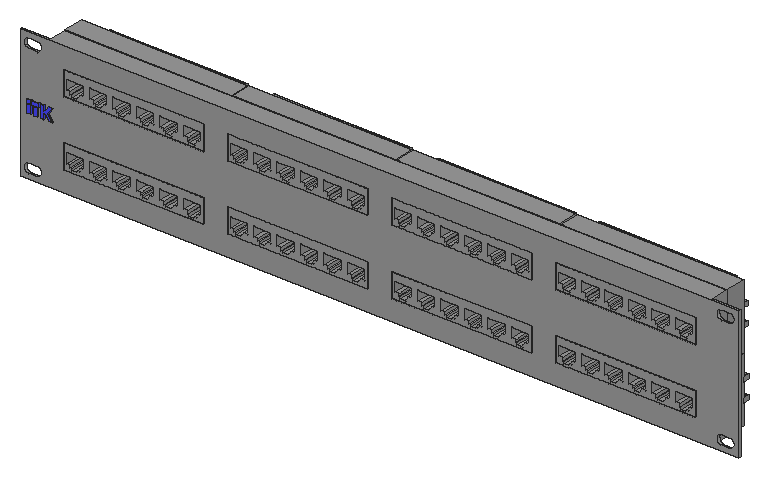
Revit family "ITK_Патч-панель_19-дюймовое крепление_2U_категория 5E", category Обобщенные модели, Revit 2019
Family settings
  Может служить основой для арматурных стержней = Нет
  Размер круглого соединителя = Использовать диаметр
  Тип детали = Нормальный
  На основе рабочей плоскости = Нет
  Всегда вертикально = Да
  При загрузке вырезать с полостями = Нет
  Общий = Нет
  Точка расчета площади = Нет
Parameters (values of type "PP48-2UC5EU-D05")
  Ширина = 482.6 mm
  Материал = Окраска - RAL 9005
  Изготовитель = "ITK"  # constant formula
  Дата изменения = ""
  Глубина = 37.3 mm
  Высота = 88 mm
  URL = "https://www.iek.ru/"
  KSI_CPr_Строительные изделия = "27.12.31.61.1.04.09-1090"  # constant formula
  KSI_CMa_Строительные материалы = "10.03.02.06"  # constant formula
  IEK_Цена за единицу = 4873.09
  IEK_Поиск в таблице имен = ""
  IEK_Описание = "Соответствие международным стандартам и ГОСТ Р.\r\nДвойная понятная маркировка IDC-модулей и портов.\r\nРасширенный частотный диапазон работы.\r\nУвеличенное количество циклов включения-отключения.\r\nСовместимы со всеми 19\" шкафами и стойками ITK.\r\nПодходят для кабелей и патч-кордов диаметром 22-26 AWG всех производителей.\r\nПрименимы для сетей ISDN, 10baseT, 100baseT, 1000baseT, EIA RS 232/485, 155 Mbit ATM, Token Ring."
  IEK_URL = "https://www.itk-group.ru/produktsiya/catalog/oborudovanie_telekommunikatsionnoe/komponenty_sks_mednye/patch_paneli/patch_paneli_kat_5e/patch_paneli_kat_5e_neekranirovannye_utp/itk_2u_patch_panel_kat_5e_utp_48_portov_dual"
  ADSK_Примечание = ""
  ADSK_Позиция [instance] = ""
  ADSK_Наименование = "ITK 2U патч-панель кат.5Е UTP, 48 портов (Dual)"
  ADSK_Материал обозначение = ""
  ADSK_Материал наименование = "Металл и АБС-пластик"  # constant formula
  ADSK_Масса = 1.7
  ADSK_Марка = ""  # constant formula
  ADSK_Код изделия = "PP48-2UC5EU-D05"
  ADSK_Завод-изготовитель = "IEK"  # constant formula
  ADSK_Единица измерения = "шт"  # constant formula
  ADSK_Группирование = "I. ЩИТЫ И ПУЛЬТЫ"  # constant formula
  ADSK_Версия семейства = "1.0"  # constant formula
  ADSK_Версия Revit = "2019"  # constant formula
  ADSK_URL страницы изделия = "https://www.itk-group.ru/produktsiya/catalog/oborudovanie_telekommunikatsionnoe/komponenty_sks_mednye/patch_paneli/patch_paneli_kat_5e/patch_paneli_kat_5e_neekranirovannye_utp/"
Reference planes
  plane 1 "По центру (Вперед/Назад)": y = 0
  plane 2: z = 0
  plane 3 "По центру (Влево/Вправо)": x = 0
Forms (mm)
  Extrusion 1, solid, material "Окраска - RAL 9005" <- "Материал", detail levels fine
    sketch origin (0, 0, 0) x (1, 0, 0) y (0, 1, 0)
      loop
        line (222, 1.5) -> (222, 27.5) -> (-222, 27.5) -> (-222, 1.5) -> (-241, 1.5) -> (-241, 0) -> (241, 0) -> (241, 1.5) -> (222, 1.5)
    from 88 to 0
  Extrusion 2, void
    sketch origin (0, 0, 0) x (1, 0, 0) y (0, 0, 1)
      loop
        line (-222, 0) -> (222, 0) -> (222, 88) -> (-222, 88) -> (-222, 0)
      loop
        line (221.8, 87.8) -> (-221.8, 87.8) -> (-221.8, 43.8) -> (-221.8, 0.2) -> (221.8, 0.2) -> (221.8, 87.8)
    from -13.5 to -13.7
  Extrusion 3, void
    sketch origin (0, 0, 0) x (1, 0, 0) y (0, 1, 0)
      loop
        line (-110.25, 31.5) -> (-110.25, 13.5) -> (-109.457, 13.5) -> (-109.457, 31.5) -> (-110.25, 31.5)
      loop
        line (-0.25, 31.5) -> (-0.25, 13.5) -> (0.543, 13.5) -> (0.543, 31.5) -> (-0.25, 31.5)
      loop
        line (109.75, 31.5) -> (109.75, 13.5) -> (110.543, 13.5) -> (110.543, 31.5) -> (109.75, 31.5)
    from 88 to 0
  Extrusion 4, solid, material "Окраска - RAL 9005" <- "Материал", detail levels fine
    sketch origin (0, 0, 0) x (0, 1, 0) y (0, 0, 1)
      loop
        line (35.5, 35) -> (37.5, 36.155) -> (37.5, 37.845) -> (35.5, 39) -> (31, 39) -> (31, 40) -> (29.5, 40) -> (28.5, 39) -> (27.5, 40) -> (27.5, 34) -> (28.5, 35) -> (29.5, 34) -> (31, 34) -> (31, 35) -> (35.5, 35)
      loop
        line (35.5, 5) -> (37.5, 6.155) -> (37.5, 7.845) -> (35.5, 9) -> (31, 9) -> (31, 10) -> (29.5, 10) -> (28.5, 9) -> (27.5, 10) -> (27.5, 4) -> (28.5, 5) -> (29.5, 4) -> (31, 4) -> (31, 5) -> (35.5, 5)
      loop
        line (35.5, 79) -> (37.5, 80.155) -> (37.5, 81.845) -> (35.5, 83) -> (31, 83) -> (31, 84) -> (29.5, 84) -> (28.5, 83) -> (27.5, 84) -> (27.5, 78) -> (28.5, 79) -> (29.5, 78) -> (31, 78) -> (31, 79) -> (35.5, 79)
      loop
        line (35.5, 49) -> (37.5, 50.155) -> (37.5, 51.845) -> (35.5, 53) -> (31, 53) -> (31, 54) -> (29.5, 54) -> (28.5, 53) -> (27.5, 54) -> (27.5, 48) -> (28.5, 49) -> (29.5, 48) -> (31, 48) -> (31, 49) -> (35.5, 49)
    from -118.225 to -209.525
  Extrusion 5, solid, material "Окраска - RAL 9005" <- "Материал", detail levels fine
    sketch origin (110, 0, 0) x (0, 1, 0) y (0, 0, 1)
      loop
        line (35.5, 35) -> (37.5, 36.155) -> (37.5, 37.845) -> (35.5, 39) -> (31, 39) -> (31, 40) -> (29.5, 40) -> (28.5, 39) -> (27.5, 40) -> (27.5, 34) -> (28.5, 35) -> (29.5, 34) -> (31, 34) -> (31, 35) -> (35.5, 35)
      loop
        line (35.5, 5) -> (37.5, 6.155) -> (37.5, 7.845) -> (35.5, 9) -> (31, 9) -> (31, 10) -> (29.5, 10) -> (28.5, 9) -> (27.5, 10) -> (27.5, 4) -> (28.5, 5) -> (29.5, 4) -> (31, 4) -> (31, 5) -> (35.5, 5)
    from -118.225 to -209.525
  Extrusion 6, solid, material "Окраска - RAL 9005" <- "Материал", detail levels fine
    sketch origin (220, 0, 0) x (0, 1, 0) y (0, 0, 1)
      loop
        line (35.5, 35) -> (37.5, 36.155) -> (37.5, 37.845) -> (35.5, 39) -> (31, 39) -> (31, 40) -> (29.5, 40) -> (28.5, 39) -> (27.5, 40) -> (27.5, 34) -> (28.5, 35) -> (29.5, 34) -> (31, 34) -> (31, 35) -> (35.5, 35)
      loop
        line (35.5, 5) -> (37.5, 6.155) -> (37.5, 7.845) -> (35.5, 9) -> (31, 9) -> (31, 10) -> (29.5, 10) -> (28.5, 9) -> (27.5, 10) -> (27.5, 4) -> (28.5, 5) -> (29.5, 4) -> (31, 4) -> (31, 5) -> (35.5, 5)
    from -118.225 to -209.525
  Extrusion 7, solid, material "Окраска - RAL 9005" <- "Материал", detail levels fine
    sketch origin (330, 0, 0) x (0, 1, 0) y (0, 0, 1)
      loop
        line (35.5, 35) -> (37.5, 36.155) -> (37.5, 37.845) -> (35.5, 39) -> (31, 39) -> (31, 40) -> (29.5, 40) -> (28.5, 39) -> (27.5, 40) -> (27.5, 34) -> (28.5, 35) -> (29.5, 34) -> (31, 34) -> (31, 35) -> (35.5, 35)
      loop
        line (35.5, 5) -> (37.5, 6.155) -> (37.5, 7.845) -> (35.5, 9) -> (31, 9) -> (31, 10) -> (29.5, 10) -> (28.5, 9) -> (27.5, 10) -> (27.5, 4) -> (28.5, 5) -> (29.5, 4) -> (31, 4) -> (31, 5) -> (35.5, 5)
    from -118.225 to -209.525
  Extrusion 8, solid, material "Окраска - RAL 9005" <- "Материал", detail levels fine
    sketch origin (0, 0, 0) x (0, 1, 0) y (0, 0, 1)
      loop
        line (27.5, 17.25) -> (27.5, 14.25) -> (31.5, 14.25) -> (31.5, 17.25) -> (27.5, 17.25)
      loop
        line (27.5, 26.75) -> (31.5, 26.75) -> (31.5, 29.75) -> (27.5, 29.75) -> (27.5, 26.75)
    from 9.25 to 0.543
  Extrusion 9, solid, material "Окраска - RAL 9005" <- "Материал", detail levels fine
    sketch origin (-9.5, 0, 0) x (0, 1, 0) y (0, 0, 1)
      loop
        line (27.5, 17.25) -> (27.5, 14.25) -> (31.5, 14.25) -> (31.5, 17.25) -> (27.5, 17.25)
      loop
        line (27.5, 26.75) -> (31.5, 26.75) -> (31.5, 29.75) -> (27.5, 29.75) -> (27.5, 26.75)
    from 9.25 to 0.543
  Extrusion 10, solid, material "Окраска - RAL 9005" <- "Материал", detail levels fine
    sketch origin (-110, 0, 0) x (0, 1, 0) y (0, 0, 1)
      loop
        line (27.5, 17.25) -> (27.5, 14.25) -> (31.5, 14.25) -> (31.5, 17.25) -> (27.5, 17.25)
      loop
        line (27.5, 26.75) -> (31.5, 26.75) -> (31.5, 29.75) -> (27.5, 29.75) -> (27.5, 26.75)
    from 9.25 to 0.543
  Extrusion 11, solid, material "Окраска - RAL 9005" <- "Материал", detail levels fine
    sketch origin (-119.5, 0, 0) x (0, 1, 0) y (0, 0, 1)
      loop
        line (27.5, 17.25) -> (27.5, 14.25) -> (31.5, 14.25) -> (31.5, 17.25) -> (27.5, 17.25)
      loop
        line (27.5, 26.75) -> (31.5, 26.75) -> (31.5, 29.75) -> (27.5, 29.75) -> (27.5, 26.75)
    from 9.25 to 0.543
  Extrusion 12, solid, material "Окраска - RAL 9005" <- "Материал", detail levels fine
    sketch origin (-222.25, 0, 0) x (0, 1, 0) y (0, 0, 1)
      loop
        line (27.5, 17.25) -> (27.5, 14.25) -> (31.5, 14.25) -> (31.5, 17.25) -> (27.5, 17.25)
      loop
        line (27.5, 26.75) -> (31.5, 26.75) -> (31.5, 29.75) -> (27.5, 29.75) -> (27.5, 26.75)
      loop
        line (27.5, 61.25) -> (27.5, 58.25) -> (31.5, 58.25) -> (31.5, 61.25) -> (27.5, 61.25)
      loop
        line (27.5, 70.75) -> (31.5, 70.75) -> (31.5, 73.75) -> (27.5, 73.75) -> (27.5, 70.75)
    from 9.25 to 0.543
  Extrusion 13, solid, material "Окраска - RAL 9005" <- "Материал", detail levels fine
    sketch origin (110, 0, 0) x (0, 1, 0) y (0, 0, 1)
      loop
        line (27.5, 17.25) -> (27.5, 14.25) -> (31.5, 14.25) -> (31.5, 17.25) -> (27.5, 17.25)
      loop
        line (27.5, 26.75) -> (31.5, 26.75) -> (31.5, 29.75) -> (27.5, 29.75) -> (27.5, 26.75)
    from 9.25 to 0.543
  Extrusion 14, solid, material "Окраска - RAL 9005" <- "Материал", detail levels fine
    sketch origin (100.5, 0, 0) x (0, 1, 0) y (0, 0, 1)
      loop
        line (27.5, 17.25) -> (27.5, 14.25) -> (31.5, 14.25) -> (31.5, 17.25) -> (27.5, 17.25)
      loop
        line (27.5, 26.75) -> (31.5, 26.75) -> (31.5, 29.75) -> (27.5, 29.75) -> (27.5, 26.75)
    from 9.25 to 0.543
  Extrusion 15, solid, material "Окраска - RAL 9005" <- "Материал", detail levels fine
    sketch origin (212.75, 0, 0) x (0, 1, 0) y (0, 0, 1)
      loop
        line (27.5, 17.25) -> (27.5, 14.25) -> (31.5, 14.25) -> (31.5, 17.25) -> (27.5, 17.25)
      loop
        line (27.5, 26.75) -> (31.5, 26.75) -> (31.5, 29.75) -> (27.5, 29.75) -> (27.5, 26.75)
    from 9.25 to 0.543
  Extrusion 16, void
    sketch origin (0, 0, 0) x (1, 0, 0) y (0, 0, 1)
      loop
        line (-118.2, 30.05) -> (-211.8, 30.05) -> (-211.8, 13.95) -> (-118.2, 13.95) -> (-118.2, 30.05)
      loop
        line (-212, 30.25) -> (-212, 13.75) -> (-118, 13.75) -> (-118, 30.25) -> (-212, 30.25)
      loop
        arc (-234.65, 9.85) -> (-238, 6.5) -> (-234.65, 3.15) r 3.35
        line (-234.65, 3.15) -> (-229.85, 3.15)
        arc (-229.85, 3.15) -> (-227.481, 4.131) -> (-226.5, 6.5) r 3.35
        arc (-226.5, 6.5) -> (-227.481, 8.869) -> (-229.85, 9.85) r 3.35
        line (-229.85, 9.85) -> (-234.65, 9.85)
      loop
        line (-8.2, 30.05) -> (-101.8, 30.05) -> (-101.8, 13.95) -> (-8.2, 13.95) -> (-8.2, 30.05)
      loop
        line (-102, 30.25) -> (-102, 13.75) -> (-8, 13.75) -> (-8, 30.25) -> (-102, 30.25)
      loop
        line (8, 30.25) -> (8, 13.75) -> (102, 13.75) -> (102, 30.25) -> (8, 30.25)
      loop
        line (101.8, 30.05) -> (8.2, 30.05) -> (8.2, 13.95) -> (101.8, 13.95) -> (101.8, 30.05)
      loop
        line (211.8, 30.05) -> (118.2, 30.05) -> (118.2, 13.95) -> (211.8, 13.95) -> (211.8, 30.05)
      loop
        line (118, 30.25) -> (118, 13.75) -> (212, 13.75) -> (212, 30.25) -> (118, 30.25)
      loop
        arc (229.85, 9.85) -> (226.5, 6.5) -> (229.85, 3.15) r 3.35
        line (229.85, 3.15) -> (234.65, 3.15)
        arc (234.65, 3.15) -> (237.019, 4.131) -> (238, 6.5) r 3.35
        arc (238, 6.5) -> (237.019, 8.869) -> (234.65, 9.85) r 3.35
        line (234.65, 9.85) -> (229.85, 9.85)
      loop
        line (-118.2, 74.05) -> (-211.8, 74.05) -> (-211.8, 57.95) -> (-118.2, 57.95) -> (-118.2, 74.05)
      loop
        line (-212, 74.25) -> (-212, 57.75) -> (-118, 57.75) -> (-118, 74.25) -> (-212, 74.25)
      loop
        line (-8.2, 74.05) -> (-101.8, 74.05) -> (-101.8, 57.95) -> (-8.2, 57.95) -> (-8.2, 74.05)
      loop
        line (-102, 74.25) -> (-102, 57.75) -> (-8, 57.75) -> (-8, 74.25) -> (-102, 74.25)
      loop
        line (8, 74.25) -> (8, 57.75) -> (102, 57.75) -> (102, 74.25) -> (8, 74.25)
      loop
        line (101.8, 74.05) -> (8.2, 74.05) -> (8.2, 57.95) -> (101.8, 57.95) -> (101.8, 74.05)
      loop
        line (211.8, 74.05) -> (118.2, 74.05) -> (118.2, 57.95) -> (211.8, 57.95) -> (211.8, 74.05)
      loop
        line (118, 74.25) -> (118, 57.75) -> (212, 57.75) -> (212, 74.25) -> (118, 74.25)
      loop
        line (-234.65, 78.15) -> (-229.85, 78.15)
        arc (-229.85, 78.15) -> (-227.481, 79.131) -> (-226.5, 81.5) r 3.35
        arc (-226.5, 81.5) -> (-227.481, 83.869) -> (-229.85, 84.85) r 3.35
        line (-229.85, 84.85) -> (-234.65, 84.85)
        arc (-234.65, 84.85) -> (-238, 81.5) -> (-234.65, 78.15) r 3.35
      loop
        line (229.85, 78.15) -> (234.65, 78.15)
        arc (234.65, 78.15) -> (237.019, 79.131) -> (238, 81.5) r 3.35
        arc (238, 81.5) -> (237.019, 83.869) -> (234.65, 84.85) r 3.35
        line (234.65, 84.85) -> (229.85, 84.85)
        arc (229.85, 84.85) -> (226.5, 81.5) -> (229.85, 78.15) r 3.35
    from -2 to 0
  Extrusion 17, void
    sketch origin (0, 0, 0) x (1, 0, 0) y (0, 0, 1)
      loop
        line (-198.4, 18.25) -> (-198.4, 25.05) -> (-210.1, 25.05) -> (-210.1, 18.25) -> (-207.5, 18.25) -> (-207.5, 16.55) -> (-206.25, 16.55) -> (-206.25, 15.25) -> (-202.25, 15.25) -> (-202.25, 16.55) -> (-201, 16.55) -> (-201, 18.25) -> (-198.4, 18.25)
      loop
        line (-182.7, 25.05) -> (-194.4, 25.05) -> (-194.4, 18.25) -> (-191.8, 18.25) -> (-191.8, 16.55) -> (-190.55, 16.55) -> (-190.55, 15.25) -> (-186.55, 15.25) -> (-186.55, 16.55) -> (-185.3, 16.55) -> (-185.3, 18.25) -> (-182.7, 18.25) -> (-182.7, 25.05)
      loop
        line (-167, 25.05) -> (-178.7, 25.05) -> (-178.7, 18.25) -> (-176.1, 18.25) -> (-176.1, 16.55) -> (-174.85, 16.55) -> (-174.85, 15.25) -> (-170.85, 15.25) -> (-170.85, 16.55) -> (-169.6, 16.55) -> (-169.6, 18.25) -> (-167, 18.25) -> (-167, 25.05)
      loop
        line (-151.3, 25.05) -> (-163, 25.05) -> (-163, 18.25) -> (-160.4, 18.25) -> (-160.4, 16.55) -> (-159.15, 16.55) -> (-159.15, 15.25) -> (-155.15, 15.25) -> (-155.15, 16.55) -> (-153.9, 16.55) -> (-153.9, 18.25) -> (-151.3, 18.25) -> (-151.3, 25.05)
      loop
        line (-135.6, 25.05) -> (-147.3, 25.05) -> (-147.3, 18.25) -> (-144.7, 18.25) -> (-144.7, 16.55) -> (-143.45, 16.55) -> (-143.45, 15.25) -> (-139.45, 15.25) -> (-139.45, 16.55) -> (-138.2, 16.55) -> (-138.2, 18.25) -> (-135.6, 18.25) -> (-135.6, 25.05)
      loop
        line (-131.6, 25.05) -> (-131.6, 18.25) -> (-129, 18.25) -> (-129, 16.55) -> (-127.75, 16.55) -> (-127.75, 15.25) -> (-123.75, 15.25) -> (-123.75, 16.55) -> (-122.5, 16.55) -> (-122.5, 18.25) -> (-119.9, 18.25) -> (-119.9, 25.05) -> (-131.6, 25.05)
      loop
        line (-88.4, 25.05) -> (-100.1, 25.05) -> (-100.1, 18.25) -> (-97.5, 18.25) -> (-97.5, 16.55) -> (-96.25, 16.55) -> (-96.25, 15.25) -> (-92.25, 15.25) -> (-92.25, 16.55) -> (-91, 16.55) -> (-91, 18.25) -> (-88.4, 18.25) -> (-88.4, 25.05)
      loop
        line (-84.4, 25.05) -> (-84.4, 18.25) -> (-81.8, 18.25) -> (-81.8, 16.55) -> (-80.55, 16.55) -> (-80.55, 15.25) -> (-76.55, 15.25) -> (-76.55, 16.55) -> (-75.3, 16.55) -> (-75.3, 18.25) -> (-72.7, 18.25) -> (-72.7, 25.05) -> (-84.4, 25.05)
      loop
        line (-68.7, 25.05) -> (-68.7, 18.25) -> (-66.1, 18.25) -> (-66.1, 16.55) -> (-64.85, 16.55) -> (-64.85, 15.25) -> (-60.85, 15.25) -> (-60.85, 16.55) -> (-59.6, 16.55) -> (-59.6, 18.25) -> (-57, 18.25) -> (-57, 25.05) -> (-68.7, 25.05)
      loop
        line (-53, 25.05) -> (-53, 18.25) -> (-50.4, 18.25) -> (-50.4, 16.55) -> (-49.15, 16.55) -> (-49.15, 15.25) -> (-45.15, 15.25) -> (-45.15, 16.55) -> (-43.9, 16.55) -> (-43.9, 18.25) -> (-41.3, 18.25) -> (-41.3, 25.05) -> (-53, 25.05)
      loop
        line (-21.6, 25.05) -> (-21.6, 18.25) -> (-19, 18.25) -> (-19, 16.55) -> (-17.75, 16.55) -> (-17.75, 15.25) -> (-13.75, 15.25) -> (-13.75, 16.55) -> (-12.5, 16.55) -> (-12.5, 18.25) -> (-9.9, 18.25) -> (-9.9, 25.05) -> (-21.6, 25.05)
      loop
        line (-37.3, 25.05) -> (-37.3, 18.25) -> (-34.7, 18.25) -> (-34.7, 16.55) -> (-33.45, 16.55) -> (-33.45, 15.25) -> (-29.45, 15.25) -> (-29.45, 16.55) -> (-28.2, 16.55) -> (-28.2, 18.25) -> (-25.6, 18.25) -> (-25.6, 25.05) -> (-37.3, 25.05)
      loop
        line (9.9, 25.05) -> (9.9, 18.25) -> (12.5, 18.25) -> (12.5, 16.55) -> (13.75, 16.55) -> (13.75, 15.25) -> (17.75, 15.25) -> (17.75, 16.55) -> (19, 16.55) -> (19, 18.25) -> (21.6, 18.25) -> (21.6, 25.05) -> (9.9, 25.05)
      loop
        line (25.6, 25.05) -> (25.6, 18.25) -> (28.2, 18.25) -> (28.2, 16.55) -> (29.45, 16.55) -> (29.45, 15.25) -> (33.45, 15.25) -> (33.45, 16.55) -> (34.7, 16.55) -> (34.7, 18.25) -> (37.3, 18.25) -> (37.3, 25.05) -> (25.6, 25.05)
      loop
        line (41.3, 25.05) -> (41.3, 18.25) -> (43.9, 18.25) -> (43.9, 16.55) -> (45.15, 16.55) -> (45.15, 15.25) -> (49.15, 15.25) -> (49.15, 16.55) -> (50.4, 16.55) -> (50.4, 18.25) -> (53, 18.25) -> (53, 25.05) -> (41.3, 25.05)
      loop
        line (57, 25.05) -> (57, 18.25) -> (59.6, 18.25) -> (59.6, 16.55) -> (60.85, 16.55) -> (60.85, 15.25) -> (64.85, 15.25) -> (64.85, 16.55) -> (66.1, 16.55) -> (66.1, 18.25) -> (68.7, 18.25) -> (68.7, 25.05) -> (57, 25.05)
      loop
        line (72.7, 25.05) -> (72.7, 18.25) -> (75.3, 18.25) -> (75.3, 16.55) -> (76.55, 16.55) -> (76.55, 15.25) -> (80.55, 15.25) -> (80.55, 16.55) -> (81.8, 16.55) -> (81.8, 18.25) -> (84.4, 18.25) -> (84.4, 25.05) -> (72.7, 25.05)
      loop
        line (88.4, 25.05) -> (88.4, 18.25) -> (91, 18.25) -> (91, 16.55) -> (92.25, 16.55) -> (92.25, 15.25) -> (96.25, 15.25) -> (96.25, 16.55) -> (97.5, 16.55) -> (97.5, 18.25) -> (100.1, 18.25) -> (100.1, 25.05) -> (88.4, 25.05)
      loop
        line (119.9, 25.05) -> (119.9, 18.25) -> (122.5, 18.25) -> (122.5, 16.55) -> (123.75, 16.55) -> (123.75, 15.25) -> (127.75, 15.25) -> (127.75, 16.55) -> (129, 16.55) -> (129, 18.25) -> (131.6, 18.25) -> (131.6, 25.05) -> (119.9, 25.05)
      loop
        line (135.6, 25.05) -> (135.6, 18.25) -> (138.2, 18.25) -> (138.2, 16.55) -> (139.45, 16.55) -> (139.45, 15.25) -> (143.45, 15.25) -> (143.45, 16.55) -> (144.7, 16.55) -> (144.7, 18.25) -> (147.3, 18.25) -> (147.3, 25.05) -> (135.6, 25.05)
      loop
        line (151.3, 25.05) -> (151.3, 18.25) -> (153.9, 18.25) -> (153.9, 16.55) -> (155.15, 16.55) -> (155.15, 15.25) -> (159.15, 15.25) -> (159.15, 16.55) -> (160.4, 16.55) -> (160.4, 18.25) -> (163, 18.25) -> (163, 25.05) -> (151.3, 25.05)
      loop
        line (167, 25.05) -> (167, 18.25) -> (169.6, 18.25) -> (169.6, 16.55) -> (170.85, 16.55) -> (170.85, 15.25) -> (174.85, 15.25) -> (174.85, 16.55) -> (176.1, 16.55) -> (176.1, 18.25) -> (178.7, 18.25) -> (178.7, 25.05) -> (167, 25.05)
      loop
        line (182.7, 25.05) -> (182.7, 18.25) -> (185.3, 18.25) -> (185.3, 16.55) -> (186.55, 16.55) -> (186.55, 15.25) -> (190.55, 15.25) -> (190.55, 16.55) -> (191.8, 16.55) -> (191.8, 18.25) -> (194.4, 18.25) -> (194.4, 25.05) -> (182.7, 25.05)
      loop
        line (198.4, 25.05) -> (198.4, 18.25) -> (201, 18.25) -> (201, 16.55) -> (202.25, 16.55) -> (202.25, 15.25) -> (206.25, 15.25) -> (206.25, 16.55) -> (207.5, 16.55) -> (207.5, 18.25) -> (210.1, 18.25) -> (210.1, 25.05) -> (198.4, 25.05)
      loop
        line (-198.4, 62.25) -> (-198.4, 69.05) -> (-210.1, 69.05) -> (-210.1, 62.25) -> (-207.5, 62.25) -> (-207.5, 60.55) -> (-206.25, 60.55) -> (-206.25, 59.25) -> (-202.25, 59.25) -> (-202.25, 60.55) -> (-201, 60.55) -> (-201, 62.25) -> (-198.4, 62.25)
      loop
        line (-182.7, 69.05) -> (-194.4, 69.05) -> (-194.4, 62.25) -> (-191.8, 62.25) -> (-191.8, 60.55) -> (-190.55, 60.55) -> (-190.55, 59.25) -> (-186.55, 59.25) -> (-186.55, 60.55) -> (-185.3, 60.55) -> (-185.3, 62.25) -> (-182.7, 62.25) -> (-182.7, 69.05)
      loop
        line (-167, 69.05) -> (-178.7, 69.05) -> (-178.7, 62.25) -> (-176.1, 62.25) -> (-176.1, 60.55) -> (-174.85, 60.55) -> (-174.85, 59.25) -> (-170.85, 59.25) -> (-170.85, 60.55) -> (-169.6, 60.55) -> (-169.6, 62.25) -> (-167, 62.25) -> (-167, 69.05)
      loop
        line (-151.3, 69.05) -> (-163, 69.05) -> (-163, 62.25) -> (-160.4, 62.25) -> (-160.4, 60.55) -> (-159.15, 60.55) -> (-159.15, 59.25) -> (-155.15, 59.25) -> (-155.15, 60.55) -> (-153.9, 60.55) -> (-153.9, 62.25) -> (-151.3, 62.25) -> (-151.3, 69.05)
      loop
        line (-135.6, 69.05) -> (-147.3, 69.05) -> (-147.3, 62.25) -> (-144.7, 62.25) -> (-144.7, 60.55) -> (-143.45, 60.55) -> (-143.45, 59.25) -> (-139.45, 59.25) -> (-139.45, 60.55) -> (-138.2, 60.55) -> (-138.2, 62.25) -> (-135.6, 62.25) -> (-135.6, 69.05)
      loop
        line (-131.6, 69.05) -> (-131.6, 62.25) -> (-129, 62.25) -> (-129, 60.55) -> (-127.75, 60.55) -> (-127.75, 59.25) -> (-123.75, 59.25) -> (-123.75, 60.55) -> (-122.5, 60.55) -> (-122.5, 62.25) -> (-119.9, 62.25) -> (-119.9, 69.05) -> (-131.6, 69.05)
      loop
        line (-88.4, 69.05) -> (-100.1, 69.05) -> (-100.1, 62.25) -> (-97.5, 62.25) -> (-97.5, 60.55) -> (-96.25, 60.55) -> (-96.25, 59.25) -> (-92.25, 59.25) -> (-92.25, 60.55) -> (-91, 60.55) -> (-91, 62.25) -> (-88.4, 62.25) -> (-88.4, 69.05)
      loop
        line (-84.4, 69.05) -> (-84.4, 62.25) -> (-81.8, 62.25) -> (-81.8, 60.55) -> (-80.55, 60.55) -> (-80.55, 59.25) -> (-76.55, 59.25) -> (-76.55, 60.55) -> (-75.3, 60.55) -> (-75.3, 62.25) -> (-72.7, 62.25) -> (-72.7, 69.05) -> (-84.4, 69.05)
      loop
        line (-68.7, 69.05) -> (-68.7, 62.25) -> (-66.1, 62.25) -> (-66.1, 60.55) -> (-64.85, 60.55) -> (-64.85, 59.25) -> (-60.85, 59.25) -> (-60.85, 60.55) -> (-59.6, 60.55) -> (-59.6, 62.25) -> (-57, 62.25) -> (-57, 69.05) -> (-68.7, 69.05)
      loop
        line (-53, 69.05) -> (-53, 62.25) -> (-50.4, 62.25) -> (-50.4, 60.55) -> (-49.15, 60.55) -> (-49.15, 59.25) -> (-45.15, 59.25) -> (-45.15, 60.55) -> (-43.9, 60.55) -> (-43.9, 62.25) -> (-41.3, 62.25) -> (-41.3, 69.05) -> (-53, 69.05)
      loop
        line (-21.6, 69.05) -> (-21.6, 62.25) -> (-19, 62.25) -> (-19, 60.55) -> (-17.75, 60.55) -> (-17.75, 59.25) -> (-13.75, 59.25) -> (-13.75, 60.55) -> (-12.5, 60.55) -> (-12.5, 62.25) -> (-9.9, 62.25) -> (-9.9, 69.05) -> (-21.6, 69.05)
      loop
        line (-37.3, 69.05) -> (-37.3, 62.25) -> (-34.7, 62.25) -> (-34.7, 60.55) -> (-33.45, 60.55) -> (-33.45, 59.25) -> (-29.45, 59.25) -> (-29.45, 60.55) -> (-28.2, 60.55) -> (-28.2, 62.25) -> (-25.6, 62.25) -> (-25.6, 69.05) -> (-37.3, 69.05)
      loop
        line (9.9, 69.05) -> (9.9, 62.25) -> (12.5, 62.25) -> (12.5, 60.55) -> (13.75, 60.55) -> (13.75, 59.25) -> (17.75, 59.25) -> (17.75, 60.55) -> (19, 60.55) -> (19, 62.25) -> (21.6, 62.25) -> (21.6, 69.05) -> (9.9, 69.05)
      loop
        line (25.6, 69.05) -> (25.6, 62.25) -> (28.2, 62.25) -> (28.2, 60.55) -> (29.45, 60.55) -> (29.45, 59.25) -> (33.45, 59.25) -> (33.45, 60.55) -> (34.7, 60.55) -> (34.7, 62.25) -> (37.3, 62.25) -> (37.3, 69.05) -> (25.6, 69.05)
      loop
        line (41.3, 69.05) -> (41.3, 62.25) -> (43.9, 62.25) -> (43.9, 60.55) -> (45.15, 60.55) -> (45.15, 59.25) -> (49.15, 59.25) -> (49.15, 60.55) -> (50.4, 60.55) -> (50.4, 62.25) -> (53, 62.25) -> (53, 69.05) -> (41.3, 69.05)
      loop
        line (57, 69.05) -> (57, 62.25) -> (59.6, 62.25) -> (59.6, 60.55) -> (60.85, 60.55) -> (60.85, 59.25) -> (64.85, 59.25) -> (64.85, 60.55) -> (66.1, 60.55) -> (66.1, 62.25) -> (68.7, 62.25) -> (68.7, 69.05) -> (57, 69.05)
      loop
        line (72.7, 69.05) -> (72.7, 62.25) -> (75.3, 62.25) -> (75.3, 60.55) -> (76.55, 60.55) -> (76.55, 59.25) -> (80.55, 59.25) -> (80.55, 60.55) -> (81.8, 60.55) -> (81.8, 62.25) -> (84.4, 62.25) -> (84.4, 69.05) -> (72.7, 69.05)
      loop
        line (88.4, 69.05) -> (88.4, 62.25) -> (91, 62.25) -> (91, 60.55) -> (92.25, 60.55) -> (92.25, 59.25) -> (96.25, 59.25) -> (96.25, 60.55) -> (97.5, 60.55) -> (97.5, 62.25) -> (100.1, 62.25) -> (100.1, 69.05) -> (88.4, 69.05)
      loop
        line (119.9, 69.05) -> (119.9, 62.25) -> (122.5, 62.25) -> (122.5, 60.55) -> (123.75, 60.55) -> (123.75, 59.25) -> (127.75, 59.25) -> (127.75, 60.55) -> (129, 60.55) -> (129, 62.25) -> (131.6, 62.25) -> (131.6, 69.05) -> (119.9, 69.05)
      loop
        line (135.6, 69.05) -> (135.6, 62.25) -> (138.2, 62.25) -> (138.2, 60.55) -> (139.45, 60.55) -> (139.45, 59.25) -> (143.45, 59.25) -> (143.45, 60.55) -> (144.7, 60.55) -> (144.7, 62.25) -> (147.3, 62.25) -> (147.3, 69.05) -> (135.6, 69.05)
      loop
        line (151.3, 69.05) -> (151.3, 62.25) -> (153.9, 62.25) -> (153.9, 60.55) -> (155.15, 60.55) -> (155.15, 59.25) -> (159.15, 59.25) -> (159.15, 60.55) -> (160.4, 60.55) -> (160.4, 62.25) -> (163, 62.25) -> (163, 69.05) -> (151.3, 69.05)
      loop
        line (167, 69.05) -> (167, 62.25) -> (169.6, 62.25) -> (169.6, 60.55) -> (170.85, 60.55) -> (170.85, 59.25) -> (174.85, 59.25) -> (174.85, 60.55) -> (176.1, 60.55) -> (176.1, 62.25) -> (178.7, 62.25) -> (178.7, 69.05) -> (167, 69.05)
      loop
        line (182.7, 69.05) -> (182.7, 62.25) -> (185.3, 62.25) -> (185.3, 60.55) -> (186.55, 60.55) -> (186.55, 59.25) -> (190.55, 59.25) -> (190.55, 60.55) -> (191.8, 60.55) -> (191.8, 62.25) -> (194.4, 62.25) -> (194.4, 69.05) -> (182.7, 69.05)
      loop
        line (198.4, 69.05) -> (198.4, 62.25) -> (201, 62.25) -> (201, 60.55) -> (202.25, 60.55) -> (202.25, 59.25) -> (206.25, 59.25) -> (206.25, 60.55) -> (207.5, 60.55) -> (207.5, 62.25) -> (210.1, 62.25) -> (210.1, 69.05) -> (198.4, 69.05)
    from -20 to 0
  Extrusion 18, solid, detail levels coarse+medium
    sketch origin (0, 0, 0) x (1, 0, 0) y (0, 1, 0)
      loop
        line (-241, 0) -> (241, 0) -> (241, 37.5) -> (-241, 37.5) -> (-241, 0)
    from 88 <- "Высота" to 0
  Extrusion 19, solid, material "Пластик белый", detail levels fine
    sketch origin (-228.299, 0, 39.843) x (1, 0, 0) y (0, 0, 1)
      loop
        line (-7.624, 5.29) -> (-7.624, 0) -> (-5.312, 0) -> (-5.312, 5.29) -> (-7.624, 5.29)
      loop
        line (-0.808, 5.29) -> (-2.986, 5.29) -> (-2.986, 0) -> (-0.808, 0) -> (-0.808, 5.29)
      loop
        line (-7.624, 6.027) -> (-5.312, 6.027) -> (-5.312, 8.272) -> (-7.624, 8.272) -> (-7.624, 6.027)
      loop
        line (1.567, 8.272) -> (1.567, 0) -> (3.747, 0) -> (3.747, 3.101) -> (4.58, 3.101) -> (6.594, 0) -> (9.251, 0) -> (6.241, 4.142) -> (9.251, 8.272) -> (6.594, 8.272) -> (4.58, 5.17) -> (3.747, 5.17) -> (3.747, 8.272) -> (1.567, 8.272)
      loop
        line (-4.24, 6.027) -> (0.447, 6.027) -> (0.447, 8.272) -> (-4.24, 8.272) -> (-4.24, 6.027)
    from 0 to 0.554
  Extrusion 20, solid, material "Окраска - RAL 9005" <- "Материал", detail levels fine
    sketch origin (0, 0, 0) x (0, 1, 0) y (0, 0, -1)
      loop
        line (35.5, -35) -> (31, -35) -> (31, -34) -> (29.5, -34) -> (28.5, -35) -> (27.5, -34) -> (27.5, -40) -> (28.5, -39) -> (29.5, -40) -> (31, -40) -> (31, -39) -> (35.5, -39) -> (37.5, -37.845) -> (37.5, -36.155) -> (35.5, -35)
      loop
        line (35.5, -5) -> (31, -5) -> (31, -4) -> (29.5, -4) -> (28.5, -5) -> (27.5, -4) -> (27.5, -10) -> (28.5, -9) -> (29.5, -10) -> (31, -10) -> (31, -9) -> (35.5, -9) -> (37.5, -7.845) -> (37.5, -6.155) -> (35.5, -5)
      loop
        line (35.5, -79) -> (31, -79) -> (31, -78) -> (29.5, -78) -> (28.5, -79) -> (27.5, -78) -> (27.5, -84) -> (28.5, -83) -> (29.5, -84) -> (31, -84) -> (31, -83) -> (35.5, -83) -> (37.5, -81.845) -> (37.5, -80.155) -> (35.5, -79)
      loop
        line (35.5, -49) -> (31, -49) -> (31, -48) -> (29.5, -48) -> (28.5, -49) -> (27.5, -48) -> (27.5, -54) -> (28.5, -53) -> (29.5, -54) -> (31, -54) -> (31, -53) -> (35.5, -53) -> (37.5, -51.845) -> (37.5, -50.155) -> (35.5, -49)
    from -118.225 to -209.525
  Extrusion 21, solid, material "Окраска - RAL 9005" <- "Материал", detail levels fine
    sketch origin (-107.75, 0, 0) x (0, 1, 0) y (0, 0, -1)
      loop
        line (35.5, -35) -> (31, -35) -> (31, -34) -> (29.5, -34) -> (28.5, -35) -> (27.5, -34) -> (27.5, -40) -> (28.5, -39) -> (29.5, -40) -> (31, -40) -> (31, -39) -> (35.5, -39) -> (37.5, -37.845) -> (37.5, -36.155) -> (35.5, -35)
      loop
        line (35.5, -5) -> (31, -5) -> (31, -4) -> (29.5, -4) -> (28.5, -5) -> (27.5, -4) -> (27.5, -10) -> (28.5, -9) -> (29.5, -10) -> (31, -10) -> (31, -9) -> (35.5, -9) -> (37.5, -7.845) -> (37.5, -6.155) -> (35.5, -5)
      loop
        line (35.5, -79) -> (31, -79) -> (31, -78) -> (29.5, -78) -> (28.5, -79) -> (27.5, -78) -> (27.5, -84) -> (28.5, -83) -> (29.5, -84) -> (31, -84) -> (31, -83) -> (35.5, -83) -> (37.5, -81.845) -> (37.5, -80.155) -> (35.5, -79)
      loop
        line (35.5, -49) -> (31, -49) -> (31, -48) -> (29.5, -48) -> (28.5, -49) -> (27.5, -48) -> (27.5, -54) -> (28.5, -53) -> (29.5, -54) -> (31, -54) -> (31, -53) -> (35.5, -53) -> (37.5, -51.845) -> (37.5, -50.155) -> (35.5, -49)
    from -118.225 to -209.525
  Extrusion 22, solid, material "Окраска - RAL 9005" <- "Материал", detail levels fine
    sketch origin (-217.75, 0, 0) x (0, 1, 0) y (0, 0, -1)
      loop
        line (35.5, -35) -> (31, -35) -> (31, -34) -> (29.5, -34) -> (28.5, -35) -> (27.5, -34) -> (27.5, -40) -> (28.5, -39) -> (29.5, -40) -> (31, -40) -> (31, -39) -> (35.5, -39) -> (37.5, -37.845) -> (37.5, -36.155) -> (35.5, -35)
      loop
        line (35.5, -5) -> (31, -5) -> (31, -4) -> (29.5, -4) -> (28.5, -5) -> (27.5, -4) -> (27.5, -10) -> (28.5, -9) -> (29.5, -10) -> (31, -10) -> (31, -9) -> (35.5, -9) -> (37.5, -7.845) -> (37.5, -6.155) -> (35.5, -5)
      loop
        line (35.5, -79) -> (31, -79) -> (31, -78) -> (29.5, -78) -> (28.5, -79) -> (27.5, -78) -> (27.5, -84) -> (28.5, -83) -> (29.5, -84) -> (31, -84) -> (31, -83) -> (35.5, -83) -> (37.5, -81.845) -> (37.5, -80.155) -> (35.5, -79)
      loop
        line (35.5, -49) -> (31, -49) -> (31, -48) -> (29.5, -48) -> (28.5, -49) -> (27.5, -48) -> (27.5, -54) -> (28.5, -53) -> (29.5, -54) -> (31, -54) -> (31, -53) -> (35.5, -53) -> (37.5, -51.845) -> (37.5, -50.155) -> (35.5, -49)
    from -118.225 to -209.525
  Extrusion 23, solid, material "Окраска - RAL 9005" <- "Материал", detail levels fine
    sketch origin (-119.793, 0, 0) x (0, 1, 0) y (0, 0, 1)
      loop
        line (27.5, 17.25) -> (27.5, 14.25) -> (31.5, 14.25) -> (31.5, 17.25) -> (27.5, 17.25)
      loop
        line (27.5, 26.75) -> (31.5, 26.75) -> (31.5, 29.75) -> (27.5, 29.75) -> (27.5, 26.75)
      loop
        line (27.5, 61.25) -> (27.5, 58.25) -> (31.5, 58.25) -> (31.5, 61.25) -> (27.5, 61.25)
      loop
        line (27.5, 70.75) -> (31.5, 70.75) -> (31.5, 73.75) -> (27.5, 73.75) -> (27.5, 70.75)
    from 9.25 to 0.543
  Extrusion 24, solid, material "Окраска - RAL 9005" <- "Материал", detail levels fine
    sketch origin (-110.293, 0, 0) x (0, 1, 0) y (0, 0, 1)
      loop
        line (27.5, 17.25) -> (27.5, 14.25) -> (31.5, 14.25) -> (31.5, 17.25) -> (27.5, 17.25)
      loop
        line (27.5, 26.75) -> (31.5, 26.75) -> (31.5, 29.75) -> (27.5, 29.75) -> (27.5, 26.75)
      loop
        line (27.5, 61.25) -> (27.5, 58.25) -> (31.5, 58.25) -> (31.5, 61.25) -> (27.5, 61.25)
      loop
        line (27.5, 70.75) -> (31.5, 70.75) -> (31.5, 73.75) -> (27.5, 73.75) -> (27.5, 70.75)
    from 9.25 to 0.543
  Extrusion 25, solid, material "Окраска - RAL 9005" <- "Материал", detail levels fine
    sketch origin (-9.793, 0, 0) x (0, 1, 0) y (0, 0, 1)
      loop
        line (27.5, 17.25) -> (27.5, 14.25) -> (31.5, 14.25) -> (31.5, 17.25) -> (27.5, 17.25)
      loop
        line (27.5, 26.75) -> (31.5, 26.75) -> (31.5, 29.75) -> (27.5, 29.75) -> (27.5, 26.75)
      loop
        line (27.5, 61.25) -> (27.5, 58.25) -> (31.5, 58.25) -> (31.5, 61.25) -> (27.5, 61.25)
      loop
        line (27.5, 70.75) -> (31.5, 70.75) -> (31.5, 73.75) -> (27.5, 73.75) -> (27.5, 70.75)
    from 9.25 to 0.543
  Extrusion 26, solid, material "Окраска - RAL 9005" <- "Материал", detail levels fine
    sketch origin (-0.293, 0, 0) x (0, 1, 0) y (0, 0, 1)
      loop
        line (27.5, 17.25) -> (27.5, 14.25) -> (31.5, 14.25) -> (31.5, 17.25) -> (27.5, 17.25)
      loop
        line (27.5, 26.75) -> (31.5, 26.75) -> (31.5, 29.75) -> (27.5, 29.75) -> (27.5, 26.75)
      loop
        line (27.5, 61.25) -> (27.5, 58.25) -> (31.5, 58.25) -> (31.5, 61.25) -> (27.5, 61.25)
      loop
        line (27.5, 70.75) -> (31.5, 70.75) -> (31.5, 73.75) -> (27.5, 73.75) -> (27.5, 70.75)
    from 9.25 to 0.543
  Extrusion 27, solid, material "Окраска - RAL 9005" <- "Материал", detail levels fine
    sketch origin (100.207, 0, 0) x (0, 1, 0) y (0, 0, 1)
      loop
        line (27.5, 17.25) -> (27.5, 14.25) -> (31.5, 14.25) -> (31.5, 17.25) -> (27.5, 17.25)
      loop
        line (27.5, 26.75) -> (31.5, 26.75) -> (31.5, 29.75) -> (27.5, 29.75) -> (27.5, 26.75)
      loop
        line (27.5, 61.25) -> (27.5, 58.25) -> (31.5, 58.25) -> (31.5, 61.25) -> (27.5, 61.25)
      loop
        line (27.5, 70.75) -> (31.5, 70.75) -> (31.5, 73.75) -> (27.5, 73.75) -> (27.5, 70.75)
    from 9.25 to 0.543
  Extrusion 28, solid, material "Окраска - RAL 9005" <- "Материал", detail levels fine
    sketch origin (109.707, 0, 0) x (0, 1, 0) y (0, 0, 1)
      loop
        line (27.5, 17.25) -> (27.5, 14.25) -> (31.5, 14.25) -> (31.5, 17.25) -> (27.5, 17.25)
      loop
        line (27.5, 26.75) -> (31.5, 26.75) -> (31.5, 29.75) -> (27.5, 29.75) -> (27.5, 26.75)
      loop
        line (27.5, 61.25) -> (27.5, 58.25) -> (31.5, 58.25) -> (31.5, 61.25) -> (27.5, 61.25)
      loop
        line (27.5, 70.75) -> (31.5, 70.75) -> (31.5, 73.75) -> (27.5, 73.75) -> (27.5, 70.75)
    from 9.25 to 0.543
  Extrusion 29, solid, material "Окраска - RAL 9005" <- "Материал", detail levels fine
    sketch origin (212.457, 0, 0) x (0, 1, 0) y (0, 0, 1)
      loop
        line (27.5, 17.25) -> (27.5, 14.25) -> (31.5, 14.25) -> (31.5, 17.25) -> (27.5, 17.25)
      loop
        line (27.5, 26.75) -> (31.5, 26.75) -> (31.5, 29.75) -> (27.5, 29.75) -> (27.5, 26.75)
      loop
        line (27.5, 61.25) -> (27.5, 58.25) -> (31.5, 58.25) -> (31.5, 61.25) -> (27.5, 61.25)
      loop
        line (27.5, 70.75) -> (31.5, 70.75) -> (31.5, 73.75) -> (27.5, 73.75) -> (27.5, 70.75)
    from 9.25 to 0.543
  Extrusion 30, void
    sketch origin (0, 0, 0) x (0, 1, 0) y (0, 0, 1)
      loop
        line (27.5, 44.405) -> (1.5, 44.405) -> (1.5, 43.595) -> (27.5, 43.595) -> (27.5, 44.405)
    from 226.124 to -227.468
Cuts and joins
  Extrusion 2, Extrusion 3, Extrusion 16, Extrusion 17, Extrusion 30 cuts Extrusion 1
  Extrusion 30 cuts Extrusion 18
Dimensions and locks
  aligned and locked: level to plane 2
  aligned and locked: cut or joined group of Extrusion 1, Extrusion 2, Extrusion 3, Extrusion 16, Extrusion 17, Extrusion 30 to Extrusion 2 sketch curve
  aligned and locked: cut or joined group of Extrusion 18, Extrusion 30 to cut or joined group of Extrusion 1, Extrusion 2, Extrusion 3, Extrusion 16, Extrusion 17, Extrusion 30
